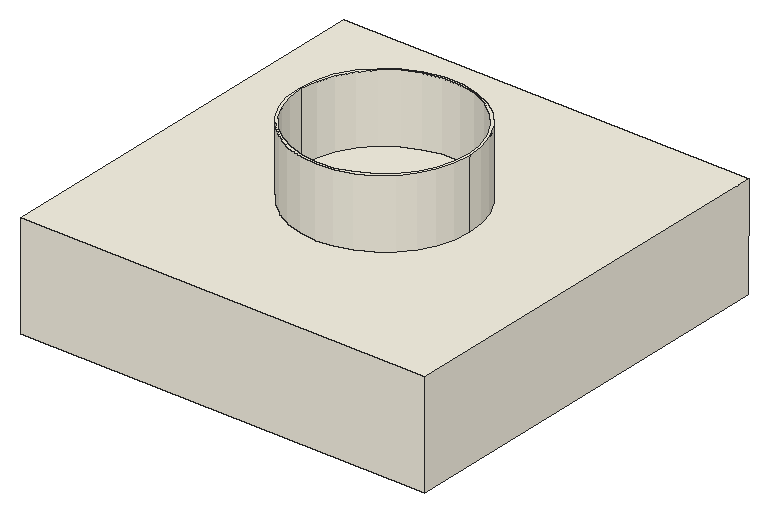
Revit family "V-Series", category Air Terminals, Revit 2016
Family settings
  Part Type = Normal
  Round Connector Dimension = Use Diameter
  OmniClass Number = 23.75.70.21.27.11
  OmniClass Title = Diffusers, Registers, and Grilles
  Work Plane-Based = No
  Always vertical = No
  Cut with Voids When Loaded = No
  Shared = No
  Room Calculation Point = No
Parameters (values of type "Standard")
  URL = ""
  Top Width = 1' - 11 5/8"
  Model = "V-Series Diffuser"
  Min Flow = 0 CFM
  Max Flow = 0 CFM
  Manufacturer = "DuctSox"
  Keynote = "23 37 00"
  ID = 0' - 9 3/4"
  Diffuser Material = Housing_Tan
  Inlet Size = 0' - 10"
  Description = "Fabric Duct Diffuser"
  Assembly Code = "D3040100"
Reference planes (in)
  plane 1 "Center (Front/Back)": y = 0
  plane 2: z = 0
  plane 3 "Center (Left/Right)": x = 0
  plane 4 "Unit Top": z = -4
  plane 5: x = -11.8125
  plane 6: x = 11.8125
  plane 7: x = -5
  plane 8: x = 5
  plane 9 "Unit Btm": z = -10.0625
  plane 10 "Bottom": z = -15.56923
  plane 11: y = 11.8125
  plane 12: y = -11.8125
  plane 13: y = 5
  plane 14: y = -5
Forms (in)
  Extrusion 1, solid, material "Housing_Tan" <- "Diffuser Material"
    sketch origin (0, 0, -4) x (-1, 0, 0) y (0, -1, 0)
      loop
        circle (0, 0) r 5
    from 0 to 4
  Extrusion 2, void
    sketch origin (0, 0, -4) x (-1, 0, 0) y (0, -1, 0)
      loop
        circle (0, 0) r 4.875
    from -6.0625 to 4
  Extrusion 3, solid, material "Housing_Tan" <- "Diffuser Material"
    sketch origin (0, 0, -10.0625) x (-1, 0, 0) y (0, -1, 0)
      loop
        line (11.8125, -11.8125) -> (11.8125, 11.8125) -> (-11.8125, 11.8125) -> (-11.8125, -11.8125) -> (11.8125, -11.8125)
    from 0 to 6.0625
  Revolve 4, solid, material "Housing_Tan" <- "Diffuser Material"
    sketch origin (0, 0, 0) x (-0.965926, -0.258819, 0) y (0, 0, 1)
      loop
        line (0, -10.0625) -> (0, -15.56923) -> (4.14055, -15.56923) -> (8.84243, -11.02868)
        arc (8.84243, -11.02868) -> (9.45216, -10.65895) -> (9.84294, -10.0625) r 1.61321
        line (9.84294, -10.0625) -> (0, -10.0625)
      axis (-0.00088, -10.0625) -> (-0.00088, -15.56923)
    angle from 0 to 360
Cuts and joins
  Extrusion 2 cuts Extrusion 1
Lines and regions (in)
  Split face 1
    outline origin (0, 0, -10.0625) x (-1, 0, 0) y (0, -1, 0)
      loop
        line (-10.0625, -10.0625) -> (10.0625, -10.0625) -> (10.0625, 10.0625) -> (-10.0625, 10.0625) -> (-10.0625, -10.0625)
Dimensions and locks (in)
  equal spacing: plane 6, plane 3 "Center (Left/Right)", plane 5
  "Top Width": plane 6 to plane 5
  equal spacing: plane 8, plane 3 "Center (Left/Right)", plane 7
  "Inlet Size": plane 8 to plane 7
  equal spacing: plane 12, plane 1 "Center (Front/Back)", plane 11
  "Top Width": plane 12 to plane 11
  equal spacing: plane 13, plane 1 "Center (Front/Back)", plane 14
  "Inlet Size": plane 13 to plane 14
  locked: level to plane 4 "Unit Top" at 4
  plane 4 "Unit Top" to plane 9 "Unit Btm" to plane 10 "Bottom" = 0' - 6 1/16" locked, 0' - 5.50673" locked
  "ID": diameter of Extrusion 2 sketch curve
  "Inlet Size": diameter of Extrusion 1 sketch curve
  aligned and locked: level to plane 2
  aligned and locked: Extrusion 1 to plane 4 "Unit Top"
  aligned and locked: level to Extrusion 1
  aligned and locked: Extrusion 2 to plane 9 "Unit Btm"
  aligned and locked: level to Extrusion 2
  aligned and locked: plane 1 "Center (Front/Back)" to Extrusion 2 sketch curve
  aligned and locked: plane 3 "Center (Left/Right)" to Extrusion 2 sketch curve
  aligned and locked: plane 1 "Center (Front/Back)" to Extrusion 1 sketch curve
  aligned and locked: plane 3 "Center (Left/Right)" to Extrusion 1 sketch curve
  aligned and locked: Extrusion 3 sketch curve to plane 11
  aligned and locked: plane 5 to Extrusion 3 sketch curve
  aligned and locked: Extrusion 3 sketch curve to plane 12
  aligned and locked: Extrusion 3 sketch curve to plane 6
  aligned and locked: plane 4 "Unit Top" to Extrusion 3
Automatic sketch dimensions
  plane 9 "Unit Btm" to Revolve 4 sketch curve = 0' - 0"
  plane 10 "Bottom" to Revolve 4 sketch curve = 0' - 0"
  plane 9 "Unit Btm" to Revolve 4 sketch curve = 0' - 0.56399"
  Revolve 4 sketch curve to Revolve 4 sketch curve = 0' - 4.19098"
  Revolve 4 sketch curve to plane 9 "Unit Btm" = 0' - 0.96618"
  Revolve 4 sketch curve to Revolve 4 sketch curve = 0' - 0.5109"
  Revolve 4 sketch curve to Revolve 4 sketch curve = 0' - 4.14055"
  Revolve 4 sketch curve to plane 4 "Unit Top" = 0' - 1 1/4"
  Revolve 4 sketch curve to Revolve 4 sketch curve = 0' - 0.00088"
  Revolve 4 sketch curve to plane 10 "Bottom" = 0' - 2.43077"
  Split face 1 sketch curve to Extrusion 3 = 0' - 1 3/4"  (x4)
Connectors (in)
  hvac at (0, 0, -4), driven by "Inlet Size", driven by "Inlet Size", driven by "Max Flow", driven by "Inlet Size"
    settings: on Extrusion 1, index 1, duct flow 0 CFM, flow factor 0, pres drop 0.00 in-wg, loss coef 0, conn angle 0.00°, conn width 10", conn height 10", conn diameter 10", duct sys type 1, conn prof type 0, flow config 0, flow direction 2, loss method 0, conn ref index -1, conn util no, is conn primary yes, conn desc ""
